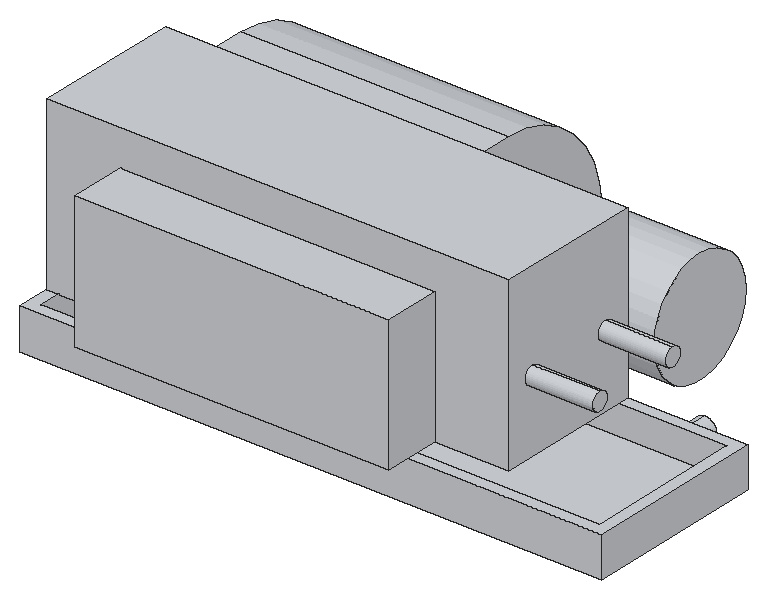
Revit family "M_Unidade de serpentina de ventilador - Básico horizontal escondido", category Equipamento mecânico, Revit 2019
Family settings
  Cota do conector redondo = Usar raio
  Tipo de parte = Normal
  Número OmniClass = 23.75.70.17.27
  Título OmniClass = Fan Coil Units
  ID de item do Seek = Fan Coil Unit - Horizontal Basic Concealed-0000-CAN-ENU
  Com base no plano de trabalho = Não
  Sempre na vertical = Sim
  Corte com vazios quando carregada = Não
  Compartilhado = Não
  Ponto de cálculo do ambiente = Não
Parameters (values of type "94 LPS")
  Voltagem = 115 V
  Largura da unidade = 514 mm
  Altura da unidade = 190 mm
  Profundidade da unidade = 165 mm
  Altura total = 267 mm
  Profundidade total = 445 mm
  Largura do ar de fornecimento = 350 mm
  Altura do ar de fornecimento = 150 mm
  Número de pólos = 1
  Largura do motor = 178 mm
  Modelo = "02"
  Manufacturer = ""
  Classificação de carga = Refrigeração
  LarguradeMeioMotor = Largura do motor / 2  # 89 mm
  Largura da carcaça do ventilador = Largura da unidade - Largura do motor - 38.1 mm - Largura adicional do ventilador  # 297.9 mm
  Deslocamento da carcaça do ventilador = 12.7 mm + Largura adicional do ventilador  # 12.7 mm
  Raio da drenagem = 12.5 mm
  Fluxo da drenagem [instance] = 0.0 L/s
  Diâmetro da drenagem = Raio da drenagem * 2  # 25 mm
  Description = ""
  Largura da condensação = 648 mm
  Altura do pan de condensação = 45 mm
  Profundidade da condensação = 203 mm
  Raio da água resfriada = 10 mm
  Queda de pressão da água resfriada [instance] = 13100.0 Pa
  Fluxo da água resfriada [instance] = 0.06 L/s
  Diâmetro da água resfriada = Raio da água resfriada * 2  # 20 mm
  C3 Deslocamento 1 = 108 mm
  C2 Deslocamento 1 = 108 mm
  Assembly Code = ""
  Carga aparente = 50 VA
  Pressão estática externa [instance] = 12.0 Pa
  Fluxo de ar [instance] = 94.0 L/s
  Largura adicional do ventilador = 0 mm
  Segundo ventilador necessário = no
  Comprimento da colocação do segundo ventilador = (Largura da unidade / 2) - Largura do motor - 12.7 mm  # 66.3 mm
Types (7, lengths in mm): name | Largura da unidade | Altura total | Largura do ar de fornecimento | Modelo | Manufacturer | Largura da carcaça do ventilador | Deslocamento da carcaça do ventilador | Description | Largura da condensação | Queda de pressão da água resfriada | Fluxo da água resfriada | C3 Deslocamento 1 | C2 Deslocamento 1 | Carga aparente | Fluxo de ar | Largura adicional do ventilador | Segundo ventilador necessário | Comprimento da colocação do segundo ventilador
  94 LPS | 514 | 267 | 350 | "02" | "" | 297.9 | 12.7 | "" | 648 | 13100.0 Pa | 0.06 L/s | 108 | 108 | 50 VA | 94.0 L/s | 0 | no | 66.3
  142 LPS | 590 | 267 | 425 | "03" | "" | 373.9 | 12.7 | "Básico horizontal oculto " | 724 | 29647.0 Pa | 0.13 L/s | 108 | 108 | 85 VA | 142.0 L/s | 0 | no | 104.3
  189 LPS | 692 | 267 | 525 | "04" | "" | 475.9 | 12.7 | "Básico horizontal oculto " | 826 | 51711.0 Pa | 0.19 L/s | 108 | 108 | 145 VA | 189.0 L/s | 0 | no | 155.3
  283 LPS | 972 | 267 | 800 | "06" | "" | 755.9 | 12.7 | "Básico horizontal oculto " | 1105 | 27579.0 Pa | 0.25 L/s | 124 | 92 | 220 VA | 283.0 L/s | 0 | no | 295.3
  378 LPS | 1175 | 267 | 1000 | "08" | "" | 958.9 | 12.7 | "Básico horizontal oculto " | 1308 | 45505.0 Pa | 0.32 L/s | 124 | 92 | 235 VA | 378.0 L/s | 0 | no | 396.8
  472 LPS | 1428 | 267 | 1200 | "10" | "" | 1021.9 | 202.7 | "Básico horizontal oculto " | 1562 | 27579.0 Pa | 0.38 L/s | 92 | 124 | 300 VA | 472.0 L/s | 190 | yes | 523.3
  566 LPS | 1683 | 268 | 1500 | "12" | " " | 1276.9 | 202.7 | "Básico horizontal oculto " | 1816 | 41369.0 Pa | 0.5 L/s | 92 | 124 | 425 VA | 566.0 L/s | 190 | yes | 650.8
Reference planes
  plane 1 "Centro (Frente/Trás)": y = 0
  plane 2: z = 0
  plane 3 "Centro (Esquerda/Direita)": x = 0
  plane 4 "Topo da unidade": z = 190
  plane 5 "Pan de condensação": z = -45
  plane 6: z = -32.3
  plane 7 "Superior do conector de fornecimento": z = 150
  plane 8: x = 66.3
  plane 9: x = 244.3
  plane 10: z = -77
  plane 11: y = 298.45
  plane 12: x = 53.6
  plane 13: x = -244.3
  plane 14: z = 25.283
  plane 15: y = 198.963
  plane 16: x = 257
  plane 17: x = -257
  plane 18: z = 25.283
  plane 19: y = 198.963
  plane 20: x = -244.3
  plane 21: x = -66.3
  plane 22: x = 333.2
  plane 23: x = 307.8
  plane 24: y = -50.8
  plane 25: y = 50.8
  plane 26: y = 127
  plane 27: z = 82
  plane 28: z = 82
Forms (mm)
  Extrusion 1, solid
    sketch origin (0, 0, 0) x (1, 0, 0) y (0, 1, 0)
      loop
        line (-257, 82.5) -> (-257, -82.5) -> (257, -82.5) -> (257, 82.5) -> (-257, 82.5)
    from 0 to 190
  Extrusion 2, solid
    sketch origin (0, 0, 0) x (1, 0, 0) y (0, 1, 0)
      loop
        line (-257, 82.5) -> (-257, -120.5) -> (391, -120.5) -> (391, 82.5) -> (-257, 82.5)
    from -45 to 0
  Extrusion 3, void
    sketch origin (0, 0, 0) x (1, 0, 0) y (0, 1, 0)
      loop
        line (378.3, -107.8) -> (378.3, 69.8) -> (-244.3, 69.8) -> (-244.3, -107.8) -> (378.3, -107.8)
    from -32.3 to 0
  Extrusion 4, solid
    sketch origin (0, 0, 0) x (1, 0, 0) y (0, 1, 0)
      loop
        line (-175, -82.5) -> (-175, -146.55) -> (175, -146.55) -> (175, -82.5) -> (-175, -82.5)
    from 0 to 150
  Extrusion 5, solid
    sketch origin (0, 10.612, -27.591) x (0, 1, 0) y (0, 0, 1)
      loop
        circle (188.351, 52.873) r 63.5
    from 244.3 to 66.3
  Extrusion 6, solid
    sketch origin (0, 0, 0) x (0, 1, 0) y (0, 0, 1)
      loop
        arc (97.363, 25.283) -> (198.963, -76.317) -> (300.563, 25.283) r 101.6
        arc (300.563, 25.283) -> (261.206, 113.729) -> (171.45, 150) r 129.19
        line (171.45, 150) -> (82.55, 150) -> (82.55, 25.283) -> (97.363, 25.283)
    from -244.3 to 53.6
  Extrusion 7, solid, visible <- "Segundo ventilador necessário"
    sketch origin (-2171.7, 10.612, -27.591) x (0, 1, 0) y (0, 0, 1)
      loop
        circle (188.351, 52.873) r 63.5
    from 2105.4 to 1927.4
  Extrusion 8, solid
    sketch origin (257, -82.5, 190) x (0, 0, -1) y (0, 1, 0)
      loop
        circle (108, 31.7) r 10
    from 0 to 76.2
  Extrusion 9, solid
    sketch origin (257, -82.5, 190) x (0, 0, -1) y (0, 1, 0)
      loop
        circle (108, 133.3) r 10
    from 0 to 76.2
  Extrusion 10, solid
    sketch origin (391, 82.5, 0) x (0, 0, -1) y (-1, 0, 0)
      loop
        circle (32.3, 83.2) r 12.5
    from 0 to 44.5
Cuts and joins
  Extrusion 3 cuts Extrusion 1
  Extrusion 3 cuts Extrusion 2
Dimensions and locks
  equal spacing: Extrusion 1 sketch curve, plane 3 "Centro (Esquerda/Direita)", Extrusion 1 sketch curve
  equal spacing: Extrusion 1 sketch curve, plane 1 "Centro (Frente/Trás)", Extrusion 1 sketch curve
  "Largura da unidade": Extrusion 1 sketch curve to Extrusion 1 sketch curve
  "Profundidade da unidade": Extrusion 1 sketch curve to Extrusion 1 sketch curve
  "Altura da unidade": plane 4 "Topo da unidade" to level
  "Profundidade da condensação": Extrusion 2 sketch curve to Extrusion 2 sketch curve
  "Largura da condensação": Extrusion 2 sketch curve to Extrusion 2 sketch curve
  "Altura do pan de condensação": level to plane 5 "Pan de condensação"
  Extrusion 3 sketch curve to cut or joined group of Extrusion 1, Extrusion 3 = 12.7 mm
  cut or joined group of Extrusion 1, Extrusion 3 to Extrusion 3 sketch curve = 12.7 mm
  Extrusion 3 sketch curve to cut or joined group of Extrusion 2, Extrusion 3 = 12.7 mm  (x2)
  plane 6 to plane 5 "Pan de condensação" = 12.7 mm
  "Largura do ar de fornecimento": Extrusion 4 sketch curve to Extrusion 4 sketch curve
  Extrusion 4 sketch curve to cut or joined group of Extrusion 2, Extrusion 3 = 26.05 mm
  "Altura do ar de fornecimento": plane 7 "Superior do conector de fornecimento" to level
  "Largura do motor": plane 8 to plane 9
  "Profundidade total": plane 11 to Extrusion 4
  "Altura total": plane 10 to plane 4 "Topo da unidade"
  "Largura da carcaça do ventilador": plane 13 to plane 12
  equal spacing: Extrusion 4 sketch curve, plane 3 "Centro (Esquerda/Direita)", Extrusion 4 sketch curve
  "Deslocamento da carcaça do ventilador": plane 17 to plane 13
  "Largura do motor": plane 20 to plane 21
  plane 17 to plane 20 = 12.7 mm
  "Comprimento da colocação do segundo ventilador": plane 21 to plane 3 "Centro (Esquerda/Direita)"
  locked: plane 16 to plane 22 at 76.2
  locked: plane 23 to plane 22 at 25.4
  equal spacing: plane 24, plane 1 "Centro (Frente/Trás)", plane 25
  locked: plane 25 to plane 26 at 76.2
  "C2 Deslocamento 1": plane 27 to plane 4 "Topo da unidade"
  "C3 Deslocamento 1": plane 28 to plane 4 "Topo da unidade"
  plane 12 to plane 8 = 12.7 mm
  plane 9 to plane 16 = 12.7 mm
  "Raio da água resfriada": radius of Extrusion 8 sketch curve
  "Raio da água resfriada": radius of Extrusion 9 sketch curve
  "Raio da drenagem": radius of Extrusion 10 sketch curve
  aligned and locked: Extrusion 1 to plane 4 "Topo da unidade"
  aligned and locked: Extrusion 2 sketch curve to Extrusion 1  (x2)
  aligned and locked: plane 5 "Pan de condensação" to Extrusion 2
  aligned and locked: level to Extrusion 2
  aligned and locked: plane 6 to Extrusion 3
  aligned and locked: level to Extrusion 3
  aligned and locked: cut or joined group of Extrusion 1, Extrusion 3 to Extrusion 4 sketch curve
  aligned and locked: Extrusion 4 to plane 7 "Superior do conector de fornecimento"
  aligned and locked: Extrusion 5 to plane 8
  aligned and locked: Extrusion 6 to plane 12
  aligned and locked: plane 13 to Extrusion 6
  aligned and locked: plane 14 to Extrusion 6
  aligned and locked: Extrusion 5 to plane 9
  aligned and locked: plane 16 to cut or joined group of Extrusion 1, Extrusion 3
  aligned and locked: plane 17 to cut or joined group of Extrusion 1, Extrusion 3
  aligned and locked: plane 20 to Extrusion 7
  aligned and locked: Extrusion 7 to plane 21
  aligned and locked: plane 28 to Extrusion 8 sketch curve
  aligned and locked: plane 24 to Extrusion 8 sketch curve
  aligned and locked: plane 25 to Extrusion 9 sketch curve
  aligned and locked: plane 27 to Extrusion 9 sketch curve
  aligned and locked: plane 23 to Extrusion 10 sketch curve
  aligned and locked: plane 6 to Extrusion 10 sketch curve
  aligned and locked: Extrusion 9 to plane 16
  aligned and locked: Extrusion 8 to plane 16
  aligned and locked: plane 22 to Extrusion 9
  aligned and locked: plane 22 to Extrusion 8
  aligned and locked: Extrusion 10 to cut or joined group of Extrusion 2, Extrusion 3
  aligned and locked: plane 26 to Extrusion 10
Automatic sketch dimensions
  Extrusion 6 sketch curve to plane 7 "Superior do conector de fornecimento" = 0 mm
  level to Extrusion 6 sketch curve = 25.283 mm
  Extrusion 6 sketch curve to Extrusion 6 sketch curve = 14.813 mm
  Extrusion 6 sketch curve to Extrusion 6 sketch curve = 74.087 mm
  Extrusion 6 sketch curve to Extrusion 6 sketch curve = 27.513 mm
  Extrusion 6 sketch curve to plane 1 "Centro (Frente/Trás)" = 82.55 mm
  Extrusion 5 sketch curve to plane 15 = 0 mm
  Extrusion 5 sketch curve to plane 14 = 0 mm
  Extrusion 7 sketch curve to plane 18 = 0 mm
  Extrusion 7 sketch curve to plane 19 = 0 mm
  radius of Extrusion 5 sketch curve = 63.5 mm
  radius of Extrusion 7 sketch curve = 63.5 mm
Connectors
  hvac at (0, -146.55, 75), driven by "Altura do ar de fornecimento", driven by "Largura do ar de fornecimento", driven by "Pressão estática externa", driven by "Fluxo de ar"
    settings: on Extrusion 4, index 0, duct flow 94.0 L/s, flow factor 0, pres drop 12.0 Pa, loss coef 0, conn angle 0.00°, conn width 350 mm, conn height 150 mm, conn diameter 609.6 mm, duct sys type 1, conn prof type 1, flow config 0, flow direction 2, loss method 4, conn ref index -1, conn util no, is conn primary yes, conn desc ""
  piping at (333.2, -50.8, 82), diameter 20, driven by "Fluxo da água resfriada", driven by "Raio da água resfriada"
    settings: on Extrusion 8, index 1, connector inside diameter 20 mm, connector length 0 mm, flow factor 0, pipe flow 0.06 L/s, pressure drop 0.0 Pa, fitting loss kfactor 0, connector angle 0.00°, fixture units 0, engagement length 0 mm, angle of deflection 0.00°, flow configuration 1, flow direction 1, fitting loss method 4, system type 7, joint type 0, gender type 0, connector reference index 2, connector utility 0, adjustable connector no, is connector primary yes, connector description ""
  piping at (333.2, 50.8, 82), diameter 20, driven by "Raio da água resfriada", driven by "Fluxo da água resfriada", driven by "Queda de pressão da água resfriada"
    settings: on Extrusion 9, index 2, connector inside diameter 20 mm, connector length 0 mm, flow factor 0, pipe flow 0.06 L/s, pressure drop 13100.0 Pa, fitting loss kfactor 0, connector angle 0.00°, fixture units 0, engagement length 0 mm, angle of deflection 0.00°, flow configuration 1, flow direction 2, fitting loss method 4, system type 8, joint type 0, gender type 0, connector reference index 1, connector utility 0, adjustable connector no, is connector primary no, connector description ""
  piping at (307.8, 127, -32.3), diameter 25, driven by "Fluxo da drenagem", driven by "Raio da drenagem"
    settings: on Extrusion 10, index 3, connector inside diameter 25 mm, connector length 0 mm, flow factor 0, pipe flow 0.0 L/s, pressure drop 0.0 Pa, fitting loss kfactor 0, connector angle 0.00°, fixture units 0, engagement length 0 mm, angle of deflection 0.00°, flow configuration 1, flow direction 2, fitting loss method 0, system type 16, joint type 0, gender type 0, connector reference index -1, connector utility 0, adjustable connector yes, is connector primary no, connector description ""
  electrical at (-257, 0, 95), driven by "Carga aparente", driven by "Voltagem", driven by "Número de pólos", driven by "Classificação de carga"
    settings: on cut or joined group of Extrusion 1, Extrusion 3, index 4, voltage 115 V, apparent load 50 VA, apparent load phase1 0 VA, apparent load phase2 0 VA, apparent load phase3 0 VA, power factor 0.8, load classification "Refrigeração", number of poles 1, system type 30, power factor state 1, is connector primary yes, connector utility no, sub classification motor no, connector description ""
